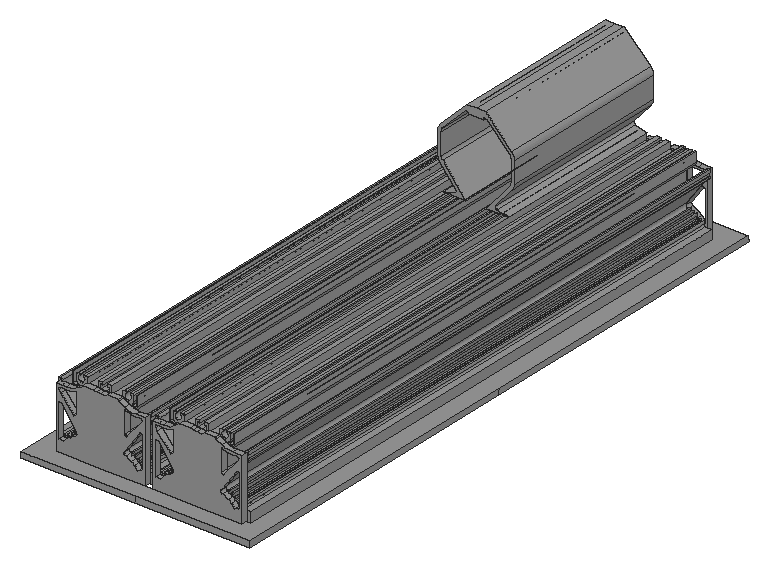
Revit family "L-street 48 Standart", category Осветительные приборы, Revit 2017 (continued)
Types (5, lengths in mm): name | built-in parameter 1150134 | Файл фотометрической сетки | built-in parameter 1150105 | Lumens | built-in parameter 1150106 | built-in parameter 1150142 | Wattage | built-in parameter 1150107 | Артикул
    575 0.00 0.00 0.00 0.00 0.00 0.00 0.00 0.00 0.00 0.00 0.00 0.00 0.00 0.00 0.00\r\n 0.00 0.00 0.00 0.00 0.00 0.00 0.00 0.00 0.00 0.00 0.00 0.00 0.00 0.00 0.00 0.00 0.00 0.00 0.00 0.00 0.00\r\n2431.019 2445.954 2433.497 2425.571 2415.379 2406.32 2397.261 2385.937 2368.951 2351.966 2334.98 2311.20 2278.361 2245.521 2218.344\r\n 2197.961 2188.901 2188.901 2194.563 2195.695 2185.504 2150.399 2068.867 1912.598 1648.752 1262.608 780.213 382.746 184.579 115.503\r\n 91.723 79.267 69.076 58.884 43.031 32.839 31.707 0.00 0.00 0.00 0.00 0.00 0.00 0.00 0.00 0.00 0.00 0.00 0.00 0.00 0.00 0.00 0.00 \r\n0.00 0.00 0.00 0.00 0.00 0.00 0.00 0.00 0.00 0.00 0.00 0.00 0.00 0.00 0.00 0.00 0.00 0.00 0.00 0.00\r\n2431.019 2454.447 2445.388 2440.858 2434.63 2431.233 2427.27 2419.909 2408.019 2396.695 2383.673 2364.988 2337.245 2307.803 \r\n2283.457 2268.169 2264.206 2270.434 2282.89 2295.913 2302.141 2293.082 2250.617 2141.342 1901.276 1484.558 927.991 438.80 182.881 \r\n117.202 95.121 82.098 71.341 60.583 45.862 33.972 31.707 0.00 0.00 0.00 0.00 0.00 0.00 0.00 0.00 0.00 0.00 0.00 0.00 0.00 0.00 0.00\r\n 0.00 0.00 0.00 0.00 0.00 0.00 0.00 0.00 0.00 0.00 0.00 0.00 0.00 0.00 0.00 0.00 0.00 0.00 0.00 0.00 0.00\r\n2431.019 2462.939 2457.278 2456.145 2453.88 2456.145 2457.278 2453.88 2447.086 2441.424 2432.365 2418.776 2396.129 2370.084 \r\n2348.569 2338.377 2339.509 2351.966 2371.215 2396.128 2418.775 2435.761 2432.364 2370.083 2153.796 1706.505 1075.766 494.853 \r\n181.182 118.901 98.518 84.929 73.605 62.281 48.693 35.104 31.707 0.00 0.00 0.00 0.00 0.00 0.00 0.00 0.00 0.00 0.00 0.00 0.00 0.00 \r\n0.00 0.00 0.00 0.00 0.00 0.00 0.00 0.00 0.00 0.00 0.00 0.00 0.00 0.00 0.00 0.00 0.00 0.00 0.00 0.00 0.00 0.00 0.00\r\n2431.019 2469.733 2469.168 2471.432 2473.697 2480.491 2487.286 2488.984 2488.418 2487.285 2482.756 2473.13 2455.013 2435.196 \r\n2417.644 2409.151 2410.283 2421.607 2440.291 2459.542 2478.226 2496.911 2510.499 2478.792 2308.934 1899.576 1255.249 583.744 \r\n190.241 123.43 103.613 89.458 77.568 64.546 49.259 35.104 31.707 0.00 0.00 0.00 0.00 0.00 0.00 0.00 0.00 0.00 0.00 0.00 0.00 0.00 \r\n0.00 0.00 0.00 0.00 0.00 0.00 0.00 0.00 0.00 0.00 0.00 0.00 0.00 0.00 0.00 0.00 0.00 0.00 0.00 0.00 0.00 0.00 0.00\r\n2431.019 2476.528 2481.058 2486.72 2493.514 2504.838 2517.294 2524.088 2529.75 2533.147 2533.147 2527.485 2513.897 2500.308 2486.72\r\n 2479.925 2481.058 2491.249 2509.367 2522.956 2537.677 2558.06 2588.634 2587.502 2464.072 2092.649 1434.733 672.637 199.30 127.96 \r\n108.709 93.988 81.532 66.811 49.825 35.104 31.707 0.00 0.00 0.00 0.00 0.00 0.00 0.00 0.00 0.00 0.00 0.00 0.00 0.00 0.00 0.00 0.00 \r\n0.00 0.00 0.00 0.00 0.00 0.00 0.00 0.00 0.00 0.00 0.00 0.00 0.00 0.00 0.00 0.00 0.00 0.00 0.00 0.00\r\n2431.019 2486.153 2493.514 2503.705 2515.595 2530.883 2548.434 2560.89 2571.648 2579.009 2583.538 2581.273 2571.082 2562.023 \r\n2552.398 2547.302 2547.868 2554.096 2567.119 2575.045 2579.575 2587.502 2606.752 2607.318 2508.235 2179.276 1553.633 770.588 \r\n222.514 133.621 113.238 97.951 85.495 69.642 51.523 35.67 32.273 0.00 0.00 0.00 0.00 0.00 0.00 0.00 0.00 0.00 0.00 0.00 0.00 0.00 \r\n0.00 0.00 0.00 0.00 0.00 0.00 0.00 0.00 0.00 0.00 0.00 0.00 0.00 0.00 0.00 0.00 0.00 0.00 0.00 0.00 0.00 0.00 0.00\r\n2431.019 2495.779 2505.97 2520.691 2537.677 2556.928 2579.575 2597.693 2613.547 2624.871 2633.93 2635.062 2628.268 2623.738 \r\n2618.076 2614.679 2614.679 2616.944 2624.871 2627.135 2621.474 2616.944 2624.871 2627.135 2552.398 2265.904 1672.534 868.54 245.728\r\n 139.283 117.768 101.915 89.458 72.473 53.222 36.236 32.839 0.00 0.00 0.00 0.00 0.00 0.00 0.00 0.00 0.00 0.00 0.00 0.00 0.00 0.00 \r\n0.00 0.00 0.00 0.00 0.00 0.00 0.00 0.00 0.00 0.00 0.00 0.00 0.00 0.00 0.00 0.00 0.00 0.00 0.00 0.00 0.00 0.00\r\n2431.019 2503.139 2517.86 2535.978 2556.927 2580.708 2607.885 2631.665 2652.614 2668.467 2682.056 2688.284 2684.887 2682.622 \r\n2678.659 2675.828 2675.828 2677.526 2679.791 2677.526 2665.637 2650.349 2642.423 2626.569 2538.81 2257.978 1688.953 906.475 266.677\r\n 142.68 120.033 105.312 91.157 75.304 56.619 37.935 32.839 0.00 0.00 0.00 0.00 0.00 0.00 0.00 0.00 0.00 0.00 0.00 0.00 0.00 0.00 \r\n0.00 0.00 0.00 0.00 0.00 0.00 0.00 0.00 0.00 0.00 0.00 0.00 0.00 0.00 0.00 0.00 0.00 0.00 0.00 0.00 0.00 0.00\r\n2431.019 2510.50 2529.75 2551.266 2576.178 2604.488 2636.195 2665.637 2691.681 2712.064 2730.183 2741.506 2741.506 2741.506 \r\n2739.242 2736.977 2736.977 2738.109 2734.712 2727.918 2709.80 2683.755 2659.975 2626.003 2525.221 2250.051 1705.373 944.41 287.626 \r\n146.078 122.298 108.709 92.856 78.135 60.016 39.634 32.839 0.00 0.00 0.00 0.00 0.00 0.00 0.00 0.00 0.00 0.00 0.00 0.00 0.00 0.00 \r\n0.00 0.00 0.00 0.00 0.00 0.00 0.00 0.00 0.00 0.00 0.00 0.00 0.00 0.00 0.00 0.00 0.00 0.00 0.00 0.00 0.00 0.00\r\n2431.019 2506.537 2516.162 2530.883 2554.097 2582.407 2612.981 2643.556 2672.997 2699.042 2724.521 2744.337 2755.661 2764.72 \r\n2765.286 2763.022 2761.889 2761.889 2757.36 2748.301 2731.315 2710.366 2686.019 2650.349 2576.178 2409.717 2072.264 1558.726 \r\n999.893 471.071 182.88 109.275 107.01 108.143 98.517 83.23 67.377 0.00 0.00 0.00 0.00 0.00 0.00 0.00 0.00 0.00 0.00 0.00 0.00 0.00 \r\n0.00 0.00 0.00 0.00 0.00 0.00 0.00 0.00 0.00 0.00 0.00 0.00 0.00 0.00 0.00 0.00 0.00 0.00 0.00 0.00 0.00 0.00 0.00\r\n2431.019 2502.573 2502.573 2510.50 2532.015 2560.325 2589.767 2621.474 2654.313 2686.02 2718.859 2747.168 2769.816 2787.934 \r\n2791.331 2789.067 2786.802 2785.669 2780.008 2768.684 2752.83 2736.977 2712.064 2674.696 2627.135 2569.384 2439.159 2173.049 \r\n1712.168 796.067 243.463 109.841 121.165 138.151 137.019 126.827 101.915 0.00 0.00 0.00 0.00 0.00 0.00 0.00 0.00 0.00 0.00 0.00 \r\n0.00 0.00 0.00 0.00 0.00 0.00 0.00 0.00 0.00 0.00 0.00 0.00 0.00 0.00 0.00 0.00 0.00 0.00 0.00 0.00 0.00 0.00 0.00 0.00 0.00\r\n2431.019 2498.044 2500.875 2510.50 2534.846 2565.42 2598.826 2632.797 2668.467 2703.571 2736.977 2767.551 2793.03 2812.846 2821.339\r\n 2820.207 2816.244 2815.111 2807.185 2792.464 2772.08 2751.698 2723.388 2682.056 2631.098 2573.347 2430.667 2140.21 1656.115 \r\n677.734 198.168 121.731 133.621 137.585 131.923 121.165 95.687 0.00 0.00 0.00 0.00 0.00 0.00 0.00 0.00 0.00 0.00 0.00 0.00 0.00 \r\n0.00 0.00 0.00 0.00 0.00 0.00 0.00 0.00 0.00 0.00 0.00 0.00 0.00 0.00 0.00 0.00 0.00 0.00 0.00 0.00 0.00 0.00 0.00\r\n2431.019 2493.514 2499.176 2510.50 2537.677 2570.516 2607.885 2644.121 2682.622 2721.123 2755.095 2787.934 2816.244 2837.759 \r\n2851.348 2851.348 2845.686 2844.554 2834.362 2816.244 2791.331 2766.419 2734.712 2689.417 2635.062 2577.31 2422.174 2107.37 \r\n1600.061 559.399 152.872 133.622 146.078 137.019 126.827 115.503 89.458 0.00 0.00 0.00 0.00 0.00 0.00 0.00 0.00 0.00 0.00 0.00 0.00\r\n 0.00 0.00 0.00 0.00 0.00 0.00 0.00 0.00 0.00 0.00 0.00 0.00 0.00 0.00 0.00 0.00 0.00 0.00 0.00 0.00 0.00 0.00 0.00 0.00\r\n2431.019 2493.514 2502.007 2518.993 2547.869 2584.671 2625.437 2665.071 2706.403 2748.867 2786.236 2823.605 2855.312 2880.79 \r\n2894.945 2895.511 2892.114 2888.717 2879.092 2862.672 2838.892 2813.413 2784.537 2742.639 2688.851 2636.195 2504.839 2220.609 \r\n1758.03 703.213 182.314 131.357 147.777 143.247 132.489 121.165 94.554 0.00 0.00 0.00 0.00 0.00 0.00 0.00 0.00 0.00 0.00 0.00 0.00 \r\n0.00 0.00 0.00 0.00 0.00 0.00 0.00 0.00 0.00 0.00 0.00 0.00 0.00 0.00 0.00 0.00 0.00 0.00 0.00 0.00 0.00 0.00 0.00 0.00\r\n2431.019 2493.514 2504.838 2527.485 2558.06 2598.826 2642.989 2686.02 2730.183 2776.61 2817.376 2859.275 2894.379 2923.821 2938.542\r\n 2939.674 2938.542 2932.88 2923.821 2909.10 2886.452 2860.407 2834.362 2795.861 2742.639 2695.079 2587.502 2333.847 1915.997 \r\n847.025 211.756 129.092 149.475 149.475 138.151 126.827 99.65 0.00 0.00 0.00 0.00 0.00 0.00 0.00 0.00 0.00 0.00 0.00 0.00 0.00 0.00\r\n 0.00 0.00 0.00 0.00 0.00 0.00 0.00 0.00 0.00 0.00 0.00 0.00 0.00 0.00 0.00 0.00 0.00 0.00 0.00 0.00 0.00 0.00\r\n2431.019 2493.514 2508.801 2534.846 2571.649 2615.812 2662.806 2708.668 2755.096 2803.222 2846.252 2887.585 2923.821 2955.528 \r\n2972.514 2978.175 2981.007 2981.006 2976.477 2966.286 2948.167 2924.953 2905.136 2880.791 2846.253 2822.473 2747.169 2516.163 \r\n2118.695 1003.861 239.50 123.996 144.945 147.776 137.019 125.695 98.518 0.00 0.00 0.00 0.00 0.00 0.00 0.00 0.00 0.00 0.00 0.00 0.00\r\n 0.00 0.00 0.00 0.00 0.00 0.00 0.00 0.00 0.00 0.00 0.00 0.00 0.00 0.00 0.00 0.00 0.00 0.00 0.00 0.00 0.00 0.00 0.00 0.00\r\n2431.019 2493.514 2512.764 2542.207 2585.237 2632.797 2682.622 2731.315 2780.008 2829.833 2875.128 2915.894 2953.263 2987.234 \r\n3006.485 3016.676 3023.471 3029.132 3029.132 3023.471 3009.882 2989.499 2975.91 2965.719 2949.865 2949.865 2906.835 2698.476 \r\n2321.391 1160.696 267.243 118.901 140.416 146.078 135.886 124.562 97.385 0.00 0.00 0.00 0.00 0.00 0.00 0.00 0.00 0.00 0.00 0.00 \r\n0.00 0.00 0.00 0.00 0.00 0.00 0.00 0.00 0.00 0.00 0.00 0.00 0.00 0.00 0.00 0.00 0.00 0.00 0.00 0.00 0.00 0.00 0.00 0.00 0.00\r\n2431.019 2493.514 2516.162 2548.435 2593.164 2643.555 2697.343 2748.867 2799.259 2850.782 2898.908 2942.505 2981.573 3016.676 \r\n3041.589 3054.611 3066.502 3077.259 3084.053 3086.318 3088.017 3089.716 3097.076 3109.533 3118.026 3119.724 3070.466 2899.476 \r\n2555.23 1512.87 460.882 136.453 121.165 141.548 139.85 129.092 102.481 0.00 0.00 0.00 0.00 0.00 0.00 0.00 0.00 0.00 0.00 0.00 0.00 \r\n0.00 0.00 0.00 0.00 0.00 0.00 0.00 0.00 0.00 0.00 0.00 0.00 0.00 0.00 0.00 0.00 0.00 0.00 0.00 0.00 0.00 0.00 0.00 0.00\r\n2431.019 2493.514 2519.559 2554.663 2601.091 2654.313 2712.064 2766.419 2818.509 2871.731 2922.688 2969.116 3009.882 3046.118 \r\n3076.693 3092.546 3109.532 3125.385 3138.974 3149.165 3166.151 3189.931 3218.241 3253.345 3286.184 3289.581 3234.094 3100.473 \r\n2789.067 1865.04 654.519 154.004 101.915 137.019 143.813 133.622 107.577 0.00 0.00 0.00 0.00 0.00 0.00 0.00 0.00 0.00 0.00 0.00 \r\n0.00 0.00 0.00 0.00 0.00 0.00 0.00 0.00 0.00 0.00 0.00 0.00 0.00 0.00 0.00 0.00 0.00 0.00 0.00 0.00 0.00 0.00 0.00 0.00 0.00\r\n2431.019 2492.948 2524.089 2562.024 2609.584 2665.071 2724.521 2780.574 2832.664 2886.452 2937.976 2984.97 3025.736 3065.369 \r\n3099.341 3121.988 3143.504 3167.284 3195.594 3228.432 3273.162 3322.987 3362.621 3385.835 3387.533 3386.967 3400.556 3286.752 \r\n2881.923 1956.198 698.682 150.607 99.65 129.658 131.357 119.467 94.554 0.00 0.00 0.00 0.00 0.00 0.00 0.00 0.00 0.00 0.00 0.00 0.00 \r\n0.00 0.00 0.00 0.00 0.00 0.00 0.00 0.00 0.00 0.00 0.00 0.00 0.00 0.00 0.00 0.00 0.00 0.00 0.00 0.00 0.00 0.00 0.00 0.00\r\n2431.019 2492.382 2528.618 2569.384 2618.076 2675.828 2736.977 2794.729 2846.818 2901.173 2953.263 3000.823 3041.589 3084.619 \r\n3121.988 3151.43 3177.475 3209.182 3252.213 3307.699 3380.172 3456.042 3506.999 3518.323 3488.881 3484.352 3567.016 3473.028 \r\n2974.778 2047.354 742.845 147.21 97.385 122.298 118.901 105.312 81.532 0.00 0.00 0.00 0.00 0.00 0.00 0.00 0.00 0.00 0.00 0.00 0.00 \r\n0.00 0.00 0.00 0.00 0.00 0.00 0.00 0.00 0.00 0.00 0.00 0.00 0.00 0.00 0.00 0.00 0.00 0.00 0.00 0.00 0.00 0.00 0.00 0.00\r\n2431.019 2490.117 2528.618 2572.781 2623.172 2681.49 2744.338 2805.487 2860.973 2917.027 2973.08 3023.471 3067.068 3111.797 \r\n3152.563 3188.233 3225.035 3272.03 3336.576 3413.578 3485.485 3540.972 3568.148 3575.509 3592.495 3674.594 3721.587 3454.343 \r\n2733.579 1718.394 632.437 154.005 106.444 121.166 116.07 102.481 81.532 0.00 0.00 0.00 0.00 0.00 0.00 0.00 0.00 0.00 0.00 0.00 0.00\r\n 0.00 0.00 0.00 0.00 0.00 0.00 0.00 0.00 0.00 0.00 0.00 0.00 0.00 0.00 0.00 0.00 0.00 0.00 0.00 0.00 0.00 0.00 0.00 0.00\r\n2431.019 2487.852 2528.618 2576.178 2628.268 2687.152 2751.698 2816.244 2875.128 2932.88 2992.896 3046.118 3092.546 3138.974 \r\n3183.137 3225.035 3272.595 3334.877 3420.938 3519.456 3590.796 3625.90 3629.297 3632.694 3696.108 3864.833 3876.157 3435.659 \r\n2492.382 1389.438 522.03 160.799 115.503 120.033 113.239 99.65 81.532 0.00 0.00 0.00 0.00 0.00 0.00 0.00 0.00 0.00 0.00 0.00 0.00 \r\n0.00 0.00 0.00 0.00 0.00 0.00 0.00 0.00 0.00 0.00 0.00 0.00 0.00 0.00 0.00 0.00 0.00 0.00 0.00 0.00 0.00 0.00 0.00 0.00\r\n2431.019 2487.286 2533.148 2582.973 2638.46 2700.175 2766.985 2830.399 2888.717 2945.336 3004.786 3058.575 3106.701 3156.526 \r\n3206.917 3260.139 3322.987 3401.688 3488.315 3555.692 3594.193 3616.841 3639.489 3694.409 3796.891 3837.656 3520.022 2738.676 \r\n1786.906 975.551 417.851 162.498 113.805 109.276 101.349 90.591 75.304 0.00 0.00 0.00 0.00 0.00 0.00 0.00 0.00 0.00 0.00 0.00 0.00 \r\n0.00 0.00 0.00 0.00 0.00 0.00 0.00 0.00 0.00 0.00 0.00 0.00 0.00 0.00 0.00 0.00 0.00 0.00 0.00 0.00 0.00 0.00 0.00 0.00\r\n2431.019 2486.72 2537.677 2589.767 2648.651 2713.197 2782.272 2844.554 2902.305 2957.792 3016.676 3071.031 3120.856 3174.078 \r\n3230.697 3295.243 3373.378 3468.498 3555.692 3591.928 3597.59 3607.782 3649.68 3756.124 3897.673 3810.479 3163.886 2041.692 \r\n1081.429 561.663 313.671 164.196 112.106 98.518 89.458 81.532 69.076 0.00 0.00 0.00 0.00 0.00 0.00 0.00 0.00 0.00 0.00 0.00 0.00 \r\n0.00 0.00 0.00 0.00 0.00 0.00 0.00 0.00 0.00 0.00 0.00 0.00 0.00 0.00 0.00 0.00 0.00 0.00 0.00 0.00 0.00 0.00 0.00 0.00\r\n2431.019 2486.154 2539.376 2594.863 2656.012 2721.69 2790.199 2854.179 2913.063 2969.116 3026.868 3082.355 3135.011 3192.196 \r\n3253.345 3323.553 3407.916 3493.411 3547.766 3556.824 3561.354 3588.532 3646.283 3727.815 3710.829 3248.817 2373.482 1493.618 \r\n854.952 490.323 291.59 157.402 105.878 91.724 83.23 75.304 64.546 0.00 0.00 0.00 0.00 0.00 0.00 0.00 0.00 0.00 0.00 0.00 0.00 0.00 \r\n0.00 0.00 0.00 0.00 0.00 0.00 0.00 0.00 0.00 0.00 0.00 0.00 0.00 0.00 0.00 0.00 0.00 0.00 0.00 0.00 0.00 0.00 0.00\r\n2431.019 2485.587 2541.074 2599.958 2663.372 2730.183 2798.126 2863.804 2923.821 2980.44 3037.059 3093.678 3149.165 3210.314 \r\n3275.993 3351.862 3442.453 3518.323 3539.839 3521.72 3525.118 3569.281 3642.886 3699.505 3523.985 2687.153 1583.077 945.543 628.474\r\n 418.983 269.508 150.607 99.65 84.929 77.002 69.076 60.016 0.00 0.00 0.00 0.00 0.00 0.00 0.00 0.00 0.00 0.00 0.00 0.00 0.00 0.00 \r\n0.00 0.00 0.00 0.00 0.00 0.00 0.00 0.00 0.00 0.00 0.00 0.00 0.00 0.00 0.00 0.00 0.00 0.00 0.00 0.00 0.00 0.00\r\n2431.019 2486.154 2544.471 2605.054 2669.60 2735.845 2804.354 2870.032 2931.748 2987.801 3043.854 3102.738 3163.886 3231.264 \r\n3299.207 3376.775 3453.777 3499.639 3495.11 3479.822 3492.845 3522.287 3536.442 3444.152 2934.579 1994.699 1193.536 787.008 566.193\r\n 391.806 245.162 140.416 97.385 82.098 73.039 65.679 57.186 0.00 0.00 0.00 0.00 0.00 0.00 0.00 0.00 0.00 0.00 0.00 0.00 0.00 0.00 \r\n0.00 0.00 0.00 0.00 0.00 0.00 0.00 0.00 0.00 0.00 0.00 0.00 0.00 0.00 0.00 0.00 0.00 0.00 0.00 0.00 0.00 0.00\r\n2431.019 2486.72 2547.868 2610.15 2675.828 2741.506 2810.582 2876.26 2939.674 2995.161 3050.648 3111.797 3178.607 3252.213 3322.42 \r\n3401.687 3465.101 3480.954 3450.38 3437.924 3460.572 3475.293 3429.997 3188.799 2345.172 1302.245 803.995 628.474 503.912 364.628 \r\n220.815 130.224 95.12 79.267 69.076 62.281 54.355 0.00 0.00 0.00 0.00 0.00 0.00 0.00 0.00 0.00 0.00 0.00 0.00 0.00 0.00 0.00 0.00 \r\n0.00 0.00 0.00 0.00 0.00 0.00 0.00 0.00 0.00 0.00 0.00 0.00 0.00 0.00 0.00 0.00 0.00 0.00 0.00 0.00\r\n2431.019 2484.455 2549.001 2614.113 2682.056 2748.301 2817.943 2884.753 2946.469 3001.956 3059.141 3122.555 3192.196 3264.103 \r\n3332.046 3397.158 3440.189 3437.924 3409.614 3399.423 3396.026 3347.333 3190.498 2731.316 1821.444 1012.92 680.564 562.23 452.389 \r\n333.488 213.455 133.055 96.819 78.135 67.377 60.583 53.789 0.00 0.00 0.00 0.00 0.00 0.00 0.00 0.00 0.00 0.00 0.00 0.00 0.00 0.00 \r\n0.00 0.00 0.00 0.00 0.00 0.00 0.00 0.00 0.00 0.00 0.00 0.00 0.00 0.00 0.00 0.00 0.00 0.00 0.00 0.00 0.00 0.00\r\n2431.019 2482.19 2550.133 2618.076 2688.284 2755.095 2825.303 2893.246 2953.263 3008.75 3067.634 3133.312 3205.785 3275.993 \r\n3341.671 3392.628 3415.276 3394.893 3368.848 3360.922 3331.48 3219.373 2950.998 2273.831 1297.714 723.595 557.134 495.985 400.865 \r\n302.347 206.094 135.886 98.518 77.002 65.678 58.884 53.222 0.00 0.00 0.00 0.00 0.00 0.00 0.00 0.00 0.00 0.00 0.00 0.00 0.00 0.00 \r\n0.00 0.00 0.00 0.00 0.00 0.00 0.00 0.00 0.00 0.00 0.00 0.00 0.00 0.00 0.00 0.00 0.00 0.00 0.00 0.00 0.00 0.00\r\n2431.019 2478.227 2549.001 2618.643 2689.983 2757.36 2825.869 2893.246 2954.395 3011.581 3071.597 3140.673 3212.579 3280.523 \r\n3339.973 3376.209 3380.739 3354.694 3333.
